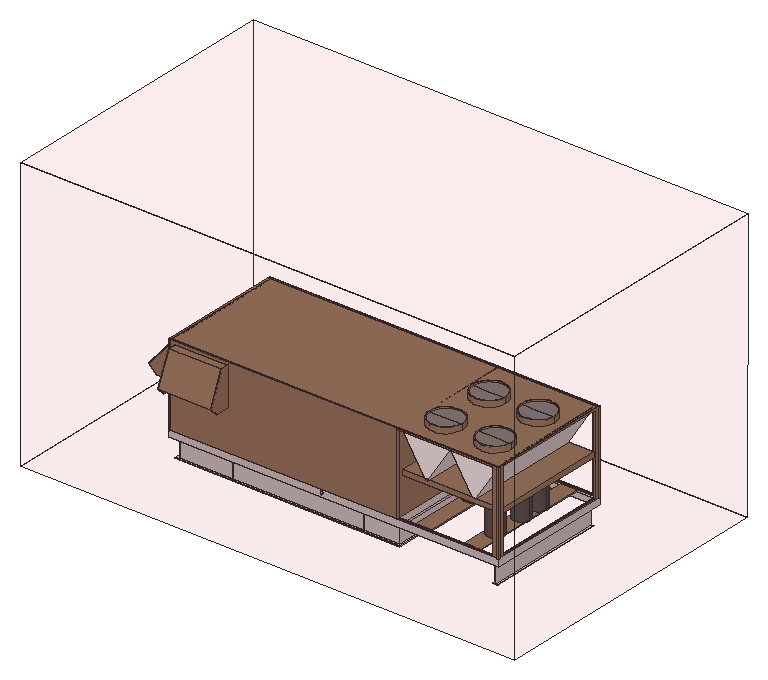
Revit family (continued)
Definition of nested family "Commercial_Comfort_Systems-Series_40-JCI-Condenser_Coil"
  Dimensions and locks (in)
    aligned and locked: plane 12 to Extrusion 1 sketch curve
    aligned and locked: plane 21 "Top Inset" to Extrusion 1 sketch curve  (x2)
    aligned and locked: plane 15 to Extrusion 1 sketch curve
    aligned and locked: plane 11 to Extrusion 1 sketch curve
    aligned and locked: Extrusion 1 sketch curve to plane 22 "Bottom Inset"
    aligned and locked: Extrusion 1 to plane 8 "Back"
    aligned and locked: Extrusion 1 to plane 7 "Front"
    aligned and locked: plane 19 to Masking region 1 sketch curve
    aligned and locked: plane 18 to Masking region 1 sketch curve
    aligned and locked: plane 8 "Back" to Masking region 1 sketch curve
    aligned and locked: plane 7 "Front" to Masking region 1 sketch curve
    aligned and locked: plane 2 "Bottom" to Masking region 2 sketch curve  (x2)
    aligned and locked: plane 16 to Masking region 2 sketch curve
    aligned and locked: plane 12 to Masking region 2 sketch curve
    aligned and locked: plane 11 to Masking region 2 sketch curve
    aligned and locked: plane 18 to Masking region 2 sketch curve
    aligned and locked: Masking region 2 sketch curve to plane 6 "Top"
    aligned and locked: plane 21 "Top Inset" to Masking region 2 sketch curve  (x2)
    aligned and locked: plane 22 "Bottom Inset" to Masking region 2 sketch curve  (x4)
    aligned and locked: plane 3 "Center (Left/Right)" to Masking region 2 sketch curve
    aligned and locked: plane 15 to Masking region 2 sketch curve
    aligned and locked: plane 19 to Masking region 2 sketch curve
    aligned and locked: plane 18 to Extrusion 1 sketch curve
    aligned and locked: plane 19 to Extrusion 1 sketch curve
    aligned and locked: Extrusion 1 sketch curve to plane 6 "Top"
    aligned and locked: plane 18 to curve 6
    aligned and locked: plane 18 to curve 1
    aligned and locked: plane 6 "Top" to curve 5
    aligned and locked: plane 6 "Top" to curve 7
    aligned and locked: plane 21 "Top Inset" to curve 7
    aligned and locked: plane 21 "Top Inset" to curve 5
    aligned and locked: plane 19 to curve 6
    aligned and locked: plane 19 to curve 1
    aligned and locked: curve 1 to plane 6 "Top"
    aligned and locked: curve 6 to plane 6 "Top"
    aligned and locked: plane 15 to curve 2
    aligned and locked: plane 12 to curve 3
    aligned and locked: plane 11 to curve 3
    aligned and locked: plane 11 to curve 10
    aligned and locked: curve 3 to plane 22 "Bottom Inset"
    aligned and locked: curve 10 to plane 22 "Bottom Inset"
    aligned and locked: plane 18 to curve 11
    aligned and locked: plane 22 "Bottom Inset" to curve 11
    aligned and locked: plane 12 to curve 12
    aligned and locked: plane 15 to curve 14
    aligned and locked: plane 22 "Bottom Inset" to curve 2
    aligned and locked: plane 19 to curve 13
    aligned and locked: plane 16 to curve 13
    aligned and locked: plane 3 "Center (Left/Right)" to curve 14
    aligned and locked: plane 18 to curve 15
    aligned and locked: plane 22 "Bottom Inset" to curve 15
    aligned and locked: plane 3 "Center (Left/Right)" to curve 17
    aligned and locked: plane 22 "Bottom Inset" to curve 17
    aligned and locked: plane 16 to curve 18
    aligned and locked: plane 19 to curve 18
    aligned and locked: plane 21 "Top Inset" to curve 18
    aligned and locked: plane 8 "Back" to curve 19
    aligned and locked: plane 8 "Back" to curve 24
    aligned and locked: plane 8 "Back" to curve 23
    aligned and locked: plane 8 "Back" to curve 22
    aligned and locked: plane 8 "Back" to curve 21
    aligned and locked: plane 8 "Back" to curve 20
    aligned and locked: plane 7 "Front" to curve 19
    aligned and locked: plane 7 "Front" to curve 24
    aligned and locked: plane 7 "Front" to curve 23
    aligned and locked: plane 7 "Front" to curve 22
    aligned and locked: plane 7 "Front" to curve 21
    aligned and locked: plane 7 "Front" to curve 20
    aligned and locked: plane 18 to curve 19
    aligned and locked: plane 11 to curve 24
    aligned and locked: curve 23 to plane 12
    aligned and locked: plane 15 to curve 22
    aligned and locked: curve 21 to plane 16
    aligned and locked: curve 20 to plane 19
    aligned and locked: plane 8 "Back" to curve 25
    aligned and locked: plane 7 "Front" to curve 25
    aligned and locked: curve 25 to plane 23 "Top of Angle"
    aligned and locked: Masking region 3 sketch curve to plane 6 "Top"
    aligned and locked: plane 8 "Back" to Masking region 3 sketch curve
    aligned and locked: plane 2 "Bottom" to Masking region 3 sketch curve
    aligned and locked: plane 7 "Front" to Masking region 3 sketch curve
  Automatic sketch dimensions
    Masking region 2 sketch curve to plane 21 "Top Inset" = 1.51493"
    Extrusion 1 sketch curve to plane 3 "Center (Left/Right)" = 0"
    Extrusion 1 sketch curve to plane 21 "Top Inset" = 1.51493"
    curve 13 to plane 22 "Bottom Inset" = 0"
    curve 8 to plane 21 "Top Inset" = 0"
    plane 21 "Top Inset" to curve 12 = 1.51493"
    curve 16 to plane 21 "Top Inset" = 1.51493"
Definition of nested family "Commercial_Comfort_Systems-Series_40-JCI-Compressor"
  Parameters (values of type "Compressor")
    Model = "Compressor"  # constant formula
    Manufacturer = "York"  # constant formula
    Cylinder Material = Metal - JCI - Cast Iron - Coated Black
    Assembly Code = ""
  Reference planes (in)
    plane 1 "Center (Front/Back)": y = 0
    plane 2 "Compressor Bottom": z = 0
    plane 3 "Center (Left/Right)": x = 0
    plane 4 "Compressor Top": z = 20
  Forms (in)
    Sweep 1, solid, material "Metal - JCI - Cast Iron - Coated Black" <- "Cylinder Material", detail levels fine
      path origin (0, 0, 0) x (1, 0, 0) y (0, 0, 1)
        loop
          line (0, 0) -> (0, 20)
      profile origin (0, 0, 10) x (-1, 0, 0) y (0, -1, 0)
        loop
          circle (0, 0) r 6
  Lines and regions (in)
    Masking region 1, detail levels fine
      outline origin (0, 0, 0) x (1, 0, 0) y (0, 0, 1)
        loop
          line (-6, 20) -> (-6, 0) -> (6, 0) -> (6, 20) -> (-6, 20)
    Masking region 2, detail levels fine
      outline origin (0, 0, 0) x (0, 1, 0) y (0, 0, 1)
        loop
          line (6, 20) -> (-6, 20) -> (-6, 0) -> (6, 0) -> (6, 20)
    model lines, style "Compressor Fine", detail levels medium
      curve 1: circle (0, 0, 20) r 6 normal (0, 0, 1)
      curve 2: circle (0, 0, 0) r 6 normal (0, 0, 1)
      curve 3: line (0, 6, 20) -> (0, 6, 0)
      curve 4: line (0, -6, 20) -> (0, -6, 0)
      curve 5: line (-6, 0, 20) -> (-6, 0, 0)
      curve 6: line (6, 0, 20) -> (6, 0, 0)
  Dimensions and locks (in)
    locked: curve 3 to plane 1 "Center (Front/Back)" at 6
    locked: plane 1 "Center (Front/Back)" to curve 4 at 6
    locked: curve 5 to plane 3 "Center (Left/Right)" at 6
    locked: plane 3 "Center (Left/Right)" to curve 6 at 6
    aligned and locked: plane 1 "Center (Front/Back)" to Sweep 1
    aligned and locked: curve 1 to Sweep 1
    aligned and locked: curve 2 to Sweep 1
    aligned and locked: plane 4 "Compressor Top" to curve 3
    aligned and locked: plane 4 "Compressor Top" to curve 4
    aligned and locked: plane 2 "Compressor Bottom" to curve 4
    aligned and locked: plane 2 "Compressor Bottom" to curve 3
    aligned and locked: plane 4 "Compressor Top" to curve 5
    aligned and locked: plane 4 "Compressor Top" to curve 6
    aligned and locked: plane 2 "Compressor Bottom" to curve 6
    aligned and locked: plane 2 "Compressor Bottom" to curve 5
    aligned and locked: Masking region 1 sketch curve to curve 5
    aligned and locked: Masking region 1 sketch curve to curve 1
    aligned and locked: curve 2 to Masking region 1 sketch curve
    aligned and locked: Masking region 1 sketch curve to curve 6
    aligned and locked: Masking region 2 sketch curve to plane 4 "Compressor Top"
    aligned and locked: plane 2 "Compressor Bottom" to Masking region 2 sketch curve
    aligned and locked: Masking region 2 sketch curve to curve 4
    aligned and locked: Masking region 2 sketch curve to curve 3
Definition of nested family "Commercial_Comfort_Systems-Series_40-JCI-Condenser_Fan_1"
  Parameters (values of type "Fan")
    Radius 2 = Radius - 1/4"  # 14 3/4"
    Radius = if(1 = 1, Diameter / 2, 1")  # 15"
    Height = 4"  # constant formula
    Frame Material = Paint - JCI - Powder Coated - Champagne
    Fan Blade Cover Material = Metal - JCI - Steel - Galvanized With Wood Nailer
    Diameter = 30"
    Assembly Code = ""
    30 inch fan = Diameter = 30"  # yes
  Reference planes (in)
    plane 1 "Center (Front/Back)": y = 0
    plane 2 "Bottom": z = 0
    plane 3 "Center (Left/Right)": x = 0
    plane 4 "Back": y = 15
    plane 5 "Front": y = -15
    plane 6 "Left": x = -15
    plane 7 "Right": x = 15
    plane 8 "Top": z = 4
    plane 9 "Right Inset": x = 14.75
    plane 10 "Top Inset": z = 3.5
  Forms (in)
    Revolve 1, solid, material "Metal - JCI - Steel - Galvanized With Wood Nailer" <- "Fan Blade Cover Material", detail levels fine
      sketch origin (0, 0, 0) x (1, 0, 0) y (0, 0, 1)
        loop
          line (0, 3.5) -> (0, 0) -> (14.75, 0) -> (14.75, 3.5) -> (0, 3.5)
        axis (0, 3.5) -> (0, 0)
      angle from 0 to 360
    Revolve 2, solid, material "Paint - JCI - Powder Coated - Champagne" <- "Frame Material", detail levels fine
      sketch origin (0, 0, 0) x (1, 0, 0) y (0, 0, 1)
        loop
          line (14.75, 0) -> (15, 0) -> (15, 4) -> (14.75, 4) -> (14.75, 0)
        axis (0, 4) -> (0, 0)
      angle from 0 to 360
    Revolve 3, solid, material "Paint - JCI - Powder Coated - Champagne" <- "Frame Material", detail levels medium
      sketch origin (0, 0, 0) x (1, 0, 0) y (0, 0, 1)
        loop
          line (0, 4) -> (0, 0) -> (15, 0) -> (15, 4) -> (0, 4)
        axis (0, 4) -> (0, 0)
      angle from 0 to 360
  Lines and regions (in)
    Masking region 1
      outline origin (0, 0, 0) x (1, 0, 0) y (0, 1, 0)
        loop
          circle (0, 0) r 15
    Masking region 2
      outline origin (0, 0, 0) x (1, 0, 0) y (0, 0, 1)
        loop
          line (-15, 4) -> (-15, 0) -> (15, 0) -> (15, 4) -> (-15, 4)
    Masking region 3
      outline origin (0, 0, 0) x (0, 1, 0) y (0, 0, 1)
        loop
          line (-15, 4) -> (-15, 0) -> (15, 0) -> (15, 4) -> (-15, 4)
    model lines, style "Fan Fine", detail levels coarse
      curve 1: circle (0, 0, 0) r 15 normal (0, 0, 1)
      curve 2: circle (0, 0, 4) r 15 normal (0, 0, 1)
      curve 3: line (15, 0, 4) -> (15, 0, 0)
      curve 4: line (-15, 0, 4) -> (-15, 0, 0)
      curve 5: line (0, 15, 4) -> (0, 15, 0)
      curve 6: line (0, -15, 4) -> (0, -15, 0)
    symbolic lines, style "Fan Fine", detail levels fine
      curve 7: circle (0, 0, 0) r 14.75 normal (0, 0, 1)
  Dimensions and locks (in)
    equal spacing: plane 5 "Front", plane 1 "Center (Front/Back)", plane 4 "Back"
    "Diameter": plane 5 "Front" to plane 4 "Back"
    equal spacing: plane 6 "Left", plane 3 "Center (Left/Right)", plane 7 "Right"
    "Diameter": plane 6 "Left" to plane 7 "Right"
    "Height": plane 8 "Top" to plane 2 "Bottom"
    locked: plane 9 "Right Inset" to plane 7 "Right" at 0.25
    locked: plane 8 "Top" to plane 10 "Top Inset" at 0.5
    "Radius": plane 3 "Center (Left/Right)" to curve 1
    "Radius": curve 1 to plane 1 "Center (Front/Back)"
    "Radius": curve 2 to plane 1 "Center (Front/Back)"
    "Radius": plane 3 "Center (Left/Right)" to curve 2
    "Radius": plane 3 "Center (Left/Right)" to Masking region 1 sketch curve
    "Radius": plane 1 "Center (Front/Back)" to Masking region 1 sketch curve
    "Radius 2": plane 3 "Center (Left/Right)" to curve 7
    "Radius 2": plane 1 "Center (Front/Back)" to curve 7
    "Radius": radius of curve 1
    "Radius": radius of curve 2
    "Radius": radius of Masking region 1 sketch curve
    "Radius 2": radius of curve 7
    aligned and locked: Revolve 1 sketch curve to plane 3 "Center (Left/Right)"
    aligned and locked: Revolve 1 sketch curve to Revolve 1 sketch curve
    aligned and locked: plane 2 "Bottom" to Revolve 1 sketch curve
    aligned and locked: Revolve 2 sketch curve to plane 3 "Center (Left/Right)"
    aligned and locked: Revolve 2 sketch curve to plane 8 "Top"
    aligned and locked: plane 2 "Bottom" to Revolve 2 sketch curve
    aligned and locked: plane 7 "Right" to Revolve 2 sketch curve
    aligned and locked: Revolve 2 sketch curve to plane 9 "Right Inset"
    aligned and locked: plane 9 "Right Inset" to Revolve 1 sketch curve
    aligned and locked: Revolve 1 sketch curve to plane 10 "Top Inset"
    aligned and locked: Revolve 3 sketch curve to plane 3 "Center (Left/Right)"
    aligned and locked: Revolve 3 sketch curve to Revolve 3 sketch curve
    aligned and locked: plane 2 "Bottom" to Revolve 3 sketch curve
    aligned and locked: plane 7 "Right" to Revolve 3 sketch curve
    aligned and locked: Revolve 3 sketch curve to plane 8 "Top"
    aligned and locked: plane 2 "Bottom" to curve 3
    aligned and locked: plane 2 "Bottom" to curve 4
    aligned and locked: plane 8 "Top" to curve 3
    aligned and locked: plane 8 "Top" to curve 4
    aligned and locked: plane 7 "Right" to curve 3
    aligned and locked: curve 4 to plane 6 "Left"
    aligned and locked: plane 2 "Bottom" to curve 5
    aligned and locked: plane 8 "Top" to curve 5
    aligned and locked: plane 2 "Bottom" to curve 6
    aligned and locked: plane 8 "Top" to curve 6
    aligned and locked: curve 5 to plane 4 "Back"
    aligned and locked: plane 5 "Front" to curve 6
    aligned and locked: Masking region 2 sketch curve to plane 8 "Top"
    aligned and locked: plane 2 "Bottom" to Masking region 2 sketch curve
    aligned and locked: plane 7 "Right" to Masking region 2 sketch curve
    aligned and locked: plane 6 "Left" to Masking region 2 sketch curve
    aligned and locked: Masking region 3 sketch curve to plane 8 "Top"
    aligned and locked: Masking region 3 sketch curve to plane 4 "Back"
    aligned and locked: plane 2 "Bottom" to Masking region 3 sketch curve
    aligned and locked: Masking region 3 sketch curve to plane 5 "Front"
  Automatic sketch dimensions
    Revolve 1 sketch curve to level = 24"
    Revolve 1 sketch curve to Revolve 1 sketch curve = 87.70035"
    Revolve 2 sketch curve to level = 24"
    plane 8 "Top" to Revolve 2 sketch curve = 87.20035"
    Revolve 3 sketch curve to level = 24"
    Revolve 3 sketch curve to Revolve 3 sketch curve = 87.20035"
Definition of nested family "Commercial_Comfort_Systems-Series_40-JCI-Screen_Door_Detail"
  Parameters (values of type "Screen")
    Width = 32"
    Depth = 34"
    Assembly Code = ""
  Reference planes (in)
    plane 1 "Center (Front/Back)": y = 0
    plane 2: z = 0
    plane 3 "Center (Left/Right)": x = 0
    plane 4 "Left": x = -16
    plane 5 "Back": y = 17
    plane 6 "Right": x = 16
    plane 7 "Front": y = -17
  Lines and regions (in)
    Filled region 1, type "Concrete Block", in view "Ref. Level"
      outline origin (0, 0, 0) x (1, 0, 0) y (0, 1, 0)
        loop
          line (-16, 17) -> (-16, -17) -> (16, -17) -> (16, 17) -> (-16, 17)
  Dimensions and locks (in)
    equal spacing: plane 7 "Front", plane 1 "Center (Front/Back)", plane 5 "Back"
    "Depth": plane 7 "Front" to plane 5 "Back"
    equal spacing: plane 4 "Left", plane 3 "Center (Left/Right)", plane 6 "Right"
    "Width": plane 4 "Left" to plane 6 "Right"
    aligned and locked: Filled region 1 sketch curve to plane 4 "Left"
    aligned and locked: Filled region 1 sketch curve to plane 5 "Back"
    aligned and locked: Filled region 1 sketch curve to plane 6 "Right"
    aligned and locked: Filled region 1 sketch curve to plane 7 "Front"
